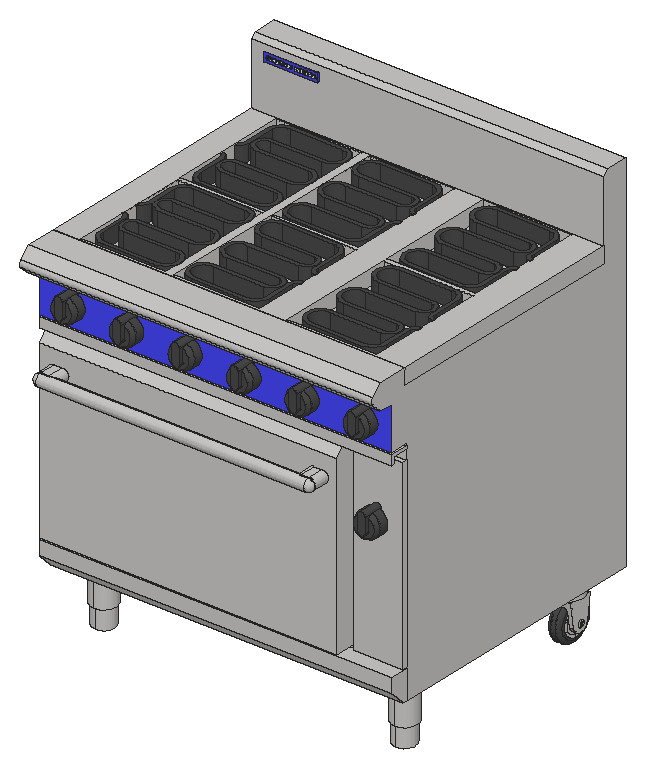
Revit family "QF_MOFFAT_BLUESEAL_CE_E56D", category Specialty Equipment, Revit 2012
Parameters
  Width = 900 mm  # constant formula
  Weight in Pounds = 440  # constant formula
  Watts = 21000 W
  Volts = 400 V
  URL Cutsheet = "www.moffat.com"
  URL = "www.moffat.com"
  Type Mark [instance] = ""
  Status [instance] = ""
  Specification by User [instance] = ""
  Specification by Manufacturer = ""
  Show Logo [instance] = yes
  Show Clearance [instance] = yes
  Show Casters [instance] = yes
  Serial Number = ""
  Seismic Rating = ""
  SMACNA No = ""
  Revision Code [instance] = ""
  Phase = 3
  Omniclass Number and Title = ""
  Number of Poles [instance] = 1
  NAFEM Spec ID Number = ""
  Model = "E56D"
  Min Ckt Ampacity = 0 A
  Max Overcurrent Protection = 0 A
  Masterspec = ""
  Manufacturer = "MOFFAT BLUESEAL"
  Legs [instance] = not(Show Casters)  # no
  Item Number [instance] = ""
  Installed By [instance] = ""
  Identify Quantity as Lot [instance] = yes
  Height = 970 mm  # constant formula
  HP = ""
  Furnished By [instance] = ""
  Foodservice Equipment Identifier [instance] = yes
  FL Amps = 20.9 A
  Electrical Remarks = "29.3A PER PHASE"
  Electric Connection Type = ""
  Elec Conn RI Height = 0 mm
  Elec Conn Connection Height = 0 mm
  Description = "900MM ELECTRIC RANGE WITH CONVECTION OVEN"
  Depth = 812 mm  # constant formula
  Cycle = 50 Hz
  Conn Plug = ""
  Conn Conduit = yes
  CSI MasterFormat = ""
  CSI Master Format = ""
  Body Finish = QF_Finishes_Stainless Steel
  Apparent Power = 0 VA
Reference planes
  plane 1 "BACK": y = 0
  plane 2: z = 0
  plane 3 "LEFT": x = 0
  plane 4 "RIGHT": x = 900
  plane 5 "FRONT": y = -812
  plane 6 "TOP": z = 970
  plane 7 "Center Y": x = 450
  plane 8 "Center X": y = -406
  plane 9: x = 280
  plane 10: y = -574.272
  plane 11: y = -304.972
  plane 12: y = -364.972
  plane 13: y = -812
  plane 14: x = 834.5
  plane 15: y = -32
  plane 16: z = 655
  plane 17: y = -100
  plane 18: z = 1085
  plane 19: y = -705
Forms (mm)
  Extrusion 1, solid, material "QF_Finishes_Stainless Steel" <- "Body Finish"
    sketch origin (0, 0, 0) x (0, 1, 0) y (0, 0, 1)
      loop
        line (0, 150) -> (0, 1085) -> (-57.5, 1085) -> (-70, 1072.5) -> (-70, 875) -> (-705, 875) -> (-705, 915) -> (-783.97, 915) -> (-808.476, 890.494)
        arc (-808.476, 890.494) -> (-811.994, 882) -> (-808.476, 873.506) r 12.013
        line (-808.476, 873.506) -> (-784.97, 850) -> (-749, 850) -> (-749, 740) -> (-699, 740) -> (-699, 150) -> (0, 150)
    from 0 to 900
  Extrusion 2, solid, material "QF_Finishes_Stainless Steel"
    sketch origin (0, 7, 0) x (0, 1, 0) y (0, 0, 1)
      loop
        line (-706, 700) -> (-732, 700) -> (-756, 676) -> (-756, 227.5) -> (-706, 227.5) -> (-706, 700)
    from 0 to 760
  Extrusion 3, solid, material "QF_Finishes_Stainless Steel"
    sketch origin (723.5, 7, 0) x (0, 1, 0) y (0, 0, 1)
      loop
        line (-706, 700) -> (-721, 700) -> (-721, 227.5) -> (-706, 227.5) -> (-706, 700)
    from 51.5 to 176.5
  Revolve 4, solid, material "QF_Finishes_Stainless Steel" <- "Body Finish"
    sketch origin (834.5, -696.126, 0) x (0, 1, 0) y (0, 0, -1)
      loop
        line (39.376, -150) -> (71.126, -150) -> (71.126, 0) -> (43.626, 0) -> (43.626, -50) -> (39.376, -50) -> (39.376, -150)
      axis (71.126, -150) -> (71.126, 0)
    angle from 0 to 360
  Revolve 5, solid, material "QF_Finishes_Stainless Steel" <- "Body Finish"
    sketch origin (65.5, -696.126, 0) x (0, 1, 0) y (0, 0, 1)
      loop
        line (39.376, 150) -> (39.376, 50) -> (43.626, 50) -> (43.626, 0) -> (71.126, 0) -> (71.126, 150) -> (39.376, 150)
      axis (71.126, 150) -> (71.126, 0)
    angle from 0 to 360
  Extrusion 6, solid, material "QF_Finishes_Stainless Steel"
    sketch origin (-64.5, 0, 325) x (1, 0, 0) y (0, 1, 0)
      loop
        circle (834.5, -32) r 10
    from 330 to 371
  Revolve 7, solid, material "QF_Finishes_Black"
    sketch origin (839.351, 45.874, -0.118) x (0, 1, 0) y (0, 0, 1)
      loop
        line (-827.874, 829.5) -> (-838.874, 823.651) -> (-838.874, 797) -> (-794.874, 797) -> (-794.874, 802) -> (-804.874, 802) -> (-804.874, 829.5) -> (-827.874, 829.5)
      axis (-838.874, 797) -> (-794.874, 797)
    angle from 0 to 360
  Revolve 8, solid, material "QF_Finishes_Black"
    sketch origin (689.351, 45.874, -0.118) x (0, 1, 0) y (0, 0, 1)
      loop
        line (-827.874, 829.5) -> (-838.874, 823.651) -> (-838.874, 797) -> (-794.874, 797) -> (-794.874, 802) -> (-804.874, 802) -> (-804.874, 829.5) -> (-827.874, 829.5)
      axis (-838.874, 797) -> (-794.874, 797)
    angle from 0 to 360
  Revolve 9, solid, material "QF_Finishes_Black"
    sketch origin (90.649, 45.874, -0.118) x (0, 1, 0) y (0, 0, -1)
      loop
        line (-827.874, -829.5) -> (-804.874, -829.5) -> (-804.874, -802) -> (-794.874, -802) -> (-794.874, -797) -> (-838.874, -797) -> (-838.874, -823.651) -> (-827.874, -829.5)
      axis (-838.874, -797) -> (-794.874, -797)
    angle from 0 to 360
  Revolve 10, solid, material "QF_Finishes_Black"
    sketch origin (240.649, 45.874, -0.118) x (0, 1, 0) y (0, 0, -1)
      loop
        line (-827.874, -829.5) -> (-804.874, -829.5) -> (-804.874, -802) -> (-794.874, -802) -> (-794.874, -797) -> (-838.874, -797) -> (-838.874, -823.651) -> (-827.874, -829.5)
      axis (-838.874, -797) -> (-794.874, -797)
    angle from 0 to 360
  Revolve 11, solid, material "QF_Finishes_Black"
    sketch origin (390.625, 45.874, -0.118) x (0, 1, 0) y (0, 0, -1)
      loop
        line (-827.874, -829.5) -> (-804.874, -829.5) -> (-804.874, -802) -> (-794.874, -802) -> (-794.874, -797) -> (-838.874, -797) -> (-838.874, -823.651) -> (-827.874, -829.5)
      axis (-838.874, -797) -> (-794.874, -797)
    angle from 0 to 360
  Extrusion 12, solid, material "QF_Finishes_Black"
    sketch origin (238.456, 7, -0.118) x (-1, 0, 0) y (0, 0, -1)
      loop
        arc (158.3, -789) -> (148.3, -779) -> (138.3, -789) r 10
        line (138.3, -789) -> (138.3, -824)
        arc (138.3, -824) -> (148.3, -834) -> (158.3, -824) r 10
        line (158.3, -824) -> (158.3, -789)
    from 759 to 808
  Extrusion 13, solid, material "QF_Finishes_Black"
    sketch origin (388.456, 7, -0.118) x (-1, 0, 0) y (0, 0, -1)
      loop
        arc (158.3, -789) -> (148.3, -779) -> (138.3, -789) r 10
        line (138.3, -789) -> (138.3, -824)
        arc (138.3, -824) -> (148.3, -834) -> (158.3, -824) r 10
        line (158.3, -824) -> (158.3, -789)
    from 759 to 808
  Extrusion 14, solid, material "QF_Finishes_Black"
    sketch origin (691.544, 7, -0.118) x (1, 0, 0) y (0, 0, 1)
      loop
        line (158.3, 789) -> (158.3, 824)
        arc (158.3, 824) -> (148.3, 834) -> (138.3, 824) r 10
        line (138.3, 824) -> (138.3, 789)
        arc (138.3, 789) -> (148.3, 779) -> (158.3, 789) r 10
    from 759 to 808
  Extrusion 15, solid, material "QF_Finishes_Black"
    sketch origin (541.544, 7, -0.118) x (1, 0, 0) y (0, 0, 1)
      loop
        line (158.3, 789) -> (158.3, 824)
        arc (158.3, 824) -> (148.3, 834) -> (138.3, 824) r 10
        line (138.3, 824) -> (138.3, 789)
        arc (138.3, 789) -> (148.3, 779) -> (158.3, 789) r 10
    from 759 to 808
  Extrusion 16, solid, material "QF_Finishes_Black"
    sketch origin (538.432, 7, -0.118) x (-1, 0, 0) y (0, 0, -1)
      loop
        arc (158.3, -789) -> (148.3, -779) -> (138.3, -789) r 10
        line (138.3, -789) -> (138.3, -824)
        arc (138.3, -824) -> (148.3, -834) -> (158.3, -824) r 10
        line (158.3, -824) -> (158.3, -789)
    from 759 to 808
  Extrusion 17, solid, material "QF_Finishes_Black"
    sketch origin (688.432, 7, -0.118) x (-1, 0, 0) y (0, 0, -1)
      loop
        arc (158.3, -789) -> (148.3, -779) -> (138.3, -789) r 10
        line (138.3, -789) -> (138.3, -824)
        arc (138.3, -824) -> (148.3, -834) -> (158.3, -824) r 10
        line (158.3, -824) -> (158.3, -789)
    from 759 to 808
  Revolve 18, solid, material "QF_Finishes_Black"
    sketch origin (836.851, 80.874, -245.743) x (0, 1, 0) y (0, 0, 1)
      loop
        line (-827.874, 829.5) -> (-838.874, 823.651) -> (-838.874, 797) -> (-794.874, 797) -> (-794.874, 802) -> (-804.874, 802) -> (-804.874, 829.5) -> (-827.874, 829.5)
      axis (-838.874, 797) -> (-794.874, 797)
    angle from 0 to 360
  Extrusion 19, solid, material "QF_Finishes_Black"
    sketch origin (689.044, 42, -245.743) x (1, 0, 0) y (0, 0, 1)
      loop
        line (158.3, 789) -> (158.3, 824)
        arc (158.3, 824) -> (148.3, 834) -> (138.3, 824) r 10
        line (138.3, 824) -> (138.3, 789)
        arc (138.3, 789) -> (148.3, 779) -> (158.3, 789) r 10
    from 759 to 808
  Extrusion 20, solid, material "QF_Door-Drawer Clearances", visible <- "Show Clearance", detail levels coarse
    sketch origin (0, 7, 0) x (0, -1, 0) y (0, 0, 1)
      loop
        line (756, 697.347) -> (756, 227.5) -> (1225.847, 227.5)
        arc (1225.847, 227.5) -> (1088.232, 559.732) -> (756, 697.347) r 469.847
    from 0 to -760
  Extrusion 21, void
    sketch origin (0, 0, 220) x (1, 0, 0) y (0, 1, 0)
      loop
        line (824, -87) -> (824, 0) -> (694, 0) -> (694, -39) -> (744, -87) -> (824, -87)
    from 0 to 476
  Revolve 22, solid, material "QF_Finishes_Black"
    sketch origin (540.625, 45.874, -0.118) x (0, 1, 0) y (0, 0, -1)
      loop
        line (-827.874, -829.5) -> (-804.874, -829.5) -> (-804.874, -802) -> (-794.874, -802) -> (-794.874, -797) -> (-838.874, -797) -> (-838.874, -823.651) -> (-827.874, -829.5)
      axis (-838.874, -797) -> (-794.874, -797)
    angle from 0 to 360
  Extrusion 23, solid, material "QF_Finishes_Stainless Steel"
    sketch origin (0, -749, 227.5) x (0, 0, 1) y (-1, 0, 0)
      loop
        line (380.625, -38.246) -> (380.625, -58.528)
        arc (380.625, -58.528) -> (395.625, -73.528) -> (410.625, -58.528) r 15
        line (410.625, -58.528) -> (410.625, -38.246)
        arc (410.625, -38.246) -> (395.625, -23.246) -> (380.625, -38.246) r 15
      loop
        arc (380.625, -723.039) -> (395.625, -738.039) -> (410.625, -723.039) r 15
        line (410.625, -723.039) -> (410.625, -702.757)
        arc (410.625, -702.757) -> (395.625, -687.757) -> (380.625, -702.757) r 15
        line (380.625, -702.757) -> (380.625, -723.039)
    from 0 to 44
  Revolve 24, solid, material "QF_Finishes_Stainless Steel"
    sketch origin (0, -793, 0) x (1, 0, 0) y (0, 0, 1)
      loop
        arc (738.039, 623.125) -> (733.646, 633.732) -> (723.039, 638.125) r 15
        line (723.039, 638.125) -> (38.246, 638.125)
        arc (38.246, 638.125) -> (27.64, 633.732) -> (23.246, 623.125) r 15
        line (23.246, 623.125) -> (738.039, 623.125)
      axis (738.039, 623.125) -> (23.246, 623.125)
    angle from 0 to 360
  Extrusion 25, solid, material "QF_Finishes_Stainless Steel" <- "Body Finish"
    sketch origin (0, 7, 0) x (0, 1, 0) y (0, 0, 1)
      loop
        line (-756, 710) -> (-747.224, 710) -> (-749.613, 726.999) -> (-707.93, 726.999) -> (-707.93, 734.003) -> (-756, 734.003) -> (-756, 710)
    from 0 to 900
  Extrusion 26, solid, material "QF_Finishes_Stainless Steel" <- "Body Finish"
    sketch origin (0, 4.73, 0) x (0, 1, 0) y (0, 0, 1)
      loop
        line (-753.73, 222.5) -> (-753.73, 186) -> (-717.73, 150) -> (-703.73, 150) -> (-703.73, 222.5) -> (-753.73, 222.5)
    from 0 to 900
  Extrusion 27, solid, material "QF_Finishes_Stainless Steel", visible <- "Show Casters"
    sketch origin (71.501, 133.353, -8.783) x (0, 1, 0) y (0, 0, 1)
      loop
        line (-201.603, 118.783) -> (-265.103, 118.783) -> (-252.746, 53.895)
        arc (-252.746, 53.895) -> (-233.353, 38.783) -> (-213.959, 53.895) r 20
        line (-213.959, 53.895) -> (-201.603, 118.783)
    from -35.667 to 22.923
  Revolve 28, solid, material "QF_Finishes_Stainless Steel", visible <- "Show Casters"
    sketch origin (65, -203, 0) x (0, 1, 0) y (0, 0, 1)
      loop
        line (67.25, 150) -> (67.25, 110) -> (103, 110) -> (103, 150) -> (67.25, 150)
      axis (103, 150) -> (103, 110)
    angle from 0 to 360
  Revolve 29, solid, material "QF_Finishes_Stainless Steel", visible <- "Show Casters"
    sketch origin (834.5, -203, 0) x (0, 1, 0) y (0, 0, -1)
      loop
        line (67.25, -150) -> (103, -150) -> (103, -110) -> (67.25, -110) -> (67.25, -150)
      axis (103, -150) -> (103, -110)
    angle from 0 to 360
  Revolve 30, solid, material "QF_Finishes_Stainless Steel", visible <- "Show Casters"
    sketch origin (785.276, -99.755, -13.653) x (1, 0, 0) y (0, 0, 1)
      loop
        line (14.841, 64.453) -> (83.584, 64.453) -> (83.584, 67.958) -> (82.314, 69.228) -> (80.79, 69.228) -> (80.79, 72.674) -> (68.644, 72.674) -> (68.644, 82.639) -> (65.088, 84.692) -> (63.738, 93.028) -> (65.881, 93.028) -> (65.881, 99.378) -> (65.088, 99.378) -> (65.088, 105.728)
        arc (65.088, 105.728) -> (62.298, 112.463) -> (55.563, 115.253) r 9.525
        line (55.563, 115.253) -> (42.863, 115.253)
        arc (42.863, 115.253) -> (36.127, 112.463) -> (33.338, 105.728) r 9.525
        line (33.338, 105.728) -> (33.338, 99.378) -> (32.544, 99.378) -> (32.544, 93.028) -> (34.687, 93.028) -> (33.352, 84.781) -> (29.782, 82.719) -> (29.782, 72.674) -> (17.635, 72.674) -> (17.635, 69.228) -> (16.111, 69.228) -> (14.841, 67.958) -> (14.841, 64.453)
      axis (14.841, 64.453) -> (83.584, 64.453)
    angle from 0 to 360
  Extrusion 31, solid, material "QF_Finishes_Stainless Steel", visible <- "Show Casters"
    sketch origin (841.001, 133.353, -8.783) x (0, 1, 0) y (0, 0, 1)
      loop
        line (-201.603, 118.783) -> (-265.103, 118.783) -> (-252.746, 53.895)
        arc (-252.746, 53.895) -> (-233.353, 38.783) -> (-213.959, 53.895) r 20
        line (-213.959, 53.895) -> (-201.603, 118.783)
    from -35.667 to 22.923
  Revolve 32, solid, material "QF_Finishes_Stainless Steel", visible <- "Legs"
    sketch origin (65, -165, 0) x (0, 1, 0) y (0, 0, 1)
      loop
        line (33.25, 150) -> (33.25, 50) -> (37.5, 50) -> (37.5, 0) -> (65, 0) -> (65, 150) -> (33.25, 150)
      axis (65, 150) -> (65, 0)
    angle from 0 to 360
  Revolve 33, solid, material "QF_Finishes_Stainless Steel", visible <- "Legs"
    sketch origin (834.5, -165, 0) x (0, 1, 0) y (0, 0, -1)
      loop
        line (33.25, -150) -> (65, -150) -> (65, 0) -> (37.5, 0) -> (37.5, -50) -> (33.25, -50) -> (33.25, -150)
      axis (65, -150) -> (65, 0)
    angle from 0 to 360
  Revolve 34, solid, material "QF_Finishes_Stainless Steel", visible <- "Show Casters"
    sketch origin (114.224, -99.755, -13.653) x (-1, 0, 0) y (0, 0, -1)
      loop
        line (14.841, -64.453) -> (14.841, -67.958) -> (16.111, -69.228) -> (17.635, -69.228) -> (17.635, -72.674) -> (29.782, -72.674) -> (29.782, -82.719) -> (33.352, -84.781) -> (34.687, -93.028) -> (32.544, -93.028) -> (32.544, -99.378) -> (33.338, -99.378) -> (33.338, -105.728)
        arc (33.338, -105.728) -> (36.127, -112.463) -> (42.863, -115.253) r 9.525
        line (42.863, -115.253) -> (55.563, -115.253)
        arc (55.563, -115.253) -> (62.298, -112.463) -> (65.088, -105.728) r 9.525
        line (65.088, -105.728) -> (65.088, -99.378) -> (65.881, -99.378) -> (65.881, -93.028) -> (63.738, -93.028) -> (65.088, -84.692) -> (68.644, -82.639) -> (68.644, -72.674) -> (80.79, -72.674) -> (80.79, -69.228) -> (82.314, -69.228) -> (83.584, -67.958) -> (83.584, -64.453) -> (14.841, -64.453)
      axis (14.841, -64.453) -> (83.584, -64.453)
    angle from 0 to 360
  Extrusion 35, solid, material "QF_Finishes_Stainless Steel"
    sketch origin (0, 0, 0) x (1, 0, 0) y (0, 1, 0)
      loop
        circle (826, -501) r 6.35
    from 150 to 147.817
Cuts and joins
  Extrusion 21 cuts Extrusion 1
Lines and regions (mm)
  Split face 1
    outline origin (900, 0, 1085) x (-1, 0, 0) y (0, -1, 0)
      loop
        arc (867.206, 18.385) -> (875.866, 23.385) -> (875.866, 33.385) r 10
        line (875.866, 33.385) -> (871.824, 40.385)
        arc (871.824, 40.385) -> (868.164, 44.045) -> (863.164, 45.385) r 10
        line (863.164, 45.385) -> (635.206, 45.385)
        arc (635.206, 45.385) -> (626.545, 40.385) -> (626.545, 30.385) r 10
        line (626.545, 30.385) -> (630.587, 23.385)
        arc (630.587, 23.385) -> (634.247, 19.725) -> (639.247, 18.385) r 10
        line (639.247, 18.385) -> (867.206, 18.385)
  Split face 2
    outline origin (900, 0, 1085) x (-1, 0, 0) y (0, -1, 0)
      loop
        arc (567.206, 18.385) -> (575.866, 23.385) -> (575.866, 33.385) r 10
        line (575.866, 33.385) -> (571.824, 40.385)
        arc (571.824, 40.385) -> (568.164, 44.045) -> (563.164, 45.385) r 10
        line (563.164, 45.385) -> (335.206, 45.385)
        arc (335.206, 45.385) -> (326.545, 40.385) -> (326.545, 30.385) r 10
        line (326.545, 30.385) -> (330.587, 23.385)
        arc (330.587, 23.385) -> (334.247, 19.725) -> (339.247, 18.385) r 10
        line (339.247, 18.385) -> (567.206, 18.385)
  Split face 3
    outline origin (900, 0, 1085) x (-1, 0, 0) y (0, -1, 0)
      loop
        arc (35.206, 45.385) -> (26.545, 40.385) -> (26.545, 30.385) r 10
        line (26.545, 30.385) -> (30.587, 23.385)
        arc (30.587, 23.385) -> (34.247, 19.725) -> (39.247, 18.385) r 10
        line (39.247, 18.385) -> (267.206, 18.385)
        arc (267.206, 18.385) -> (275.866, 23.385) -> (275.866, 33.385) r 10
        line (275.866, 33.385) -> (271.824, 40.385)
        arc (271.824, 40.385) -> (268.164, 44.045) -> (263.164, 45.385) r 10
        line (263.164, 45.385) -> (35.206, 45.385)
  symbolic lines
    curve 1: line (0, 0, 0) -> (0, -812, 0)
    curve 2: line (900, 0, 0) -> (0, 0, 0)
    curve 3: line (900, -812, 0) -> (900, 0, 0)
    curve 4: line (0, -70, 0) -> (900, -70, 0)
    curve 5: line (900, -812, 0) -> (0, -812, 0)
    curve 6: line (900, -705, 0) -> (0, -705, 0)
    curve 7: arc (22.65, -812, 0) -> (34.104, -822.278, 0) -> (48.889, -826.544, 0) r 34.455
    curve 8: line (48.889, -826.544, 0) -> (721.858, -826.544, 0)
    curve 9: arc (721.858, -826.544, 0) -> (736.403, -822.647, 0) -> (747.05, -812, 0) r 29.089
    curve 13: line (32.794, -18.385, 0) -> (260.753, -18.385, 0)
    curve 14: arc (260.753, -18.385, 0) -> (265.753, -19.725, 0) -> (269.413, -23.385, 0) r 10
    curve 15: line (269.413, -23.385, 0) -> (273.455, -30.385, 0)
    curve 16: arc (273.455, -30.385, 0) -> (273.455, -40.385, 0) -> (264.794, -45.385, 0) r 10
    curve 17: line (264.794, -45.385, 0) -> (36.836, -45.385, 0)
    curve 18: arc (36.836, -45.385, 0) -> (31.836, -44.045, 0) -> (28.176, -40.385, 0) r 10
    curve 19: line (28.176, -40.385, 0) -> (24.134, -33.385, 0)
    curve 20: arc (24.134, -33.385, 0) -> (24.134, -23.385, 0) -> (32.794, -18.385, 0) r 10
    curve 21: line (560.753, -18.385, 0) -> (332.794, -18.385, 0)
    curve 22: arc (332.794, -18.385, 0) -> (324.134, -23.385, 0) -> (324.134, -33.385, 0) r 10
    curve 23: line (324.134, -33.385, 0) -> (328.176, -40.385, 0)
    curve 24: arc (328.176, -40.385, 0) -> (331.836, -44.045, 0) -> (336.836, -45.385, 0) r 10
    curve 25: line (336.836, -45.385, 0) -> (564.794, -45.385, 0)
    curve 26: arc (564.794, -45.385, 0) -> (573.455, -40.385, 0) -> (573.455, -30.385, 0) r 10
    curve 27: line (573.455, -30.385, 0) -> (569.413, -23.385, 0)
    curve 28: arc (569.413, -23.385, 0) -> (565.753, -19.725, 0) -> (560.753, -18.385, 0) r 10
    curve 29: line (632.794, -18.385, 0) -> (860.753, -18.385, 0)
    curve 30: arc (860.753, -18.385, 0) -> (865.753, -19.725, 0) -> (869.413, -23.385, 0) r 10
    curve 31: line (869.413, -23.385, 0) -> (873.455, -30.385, 0)
    curve 32: arc (873.455, -30.385, 0) -> (873.455, -40.385, 0) -> (864.794, -45.385, 0) r 10
    curve 33: line (864.794, -45.385, 0) -> (636.836, -45.385, 0)
    curve 34: arc (636.836, -45.385, 0) -> (631.836, -44.045, 0) -> (628.176, -40.385, 0) r 10
    curve 35: line (628.176, -40.385, 0) -> (624.134, -33.385, 0)
    curve 36: arc (624.134, -33.385, 0) -> (624.134, -23.385, 0) -> (632.794, -18.385, 0) r 10
    curve 37: line (0, -783.97, 0) -> (900, -783.97, 0)
    curve 38: line (0, -57.5, 0) -> (900, -57.5, 0)
  symbolic lines, style "QF_Door-Drawer Clearances"
    curve 10: line (0, -1218.847, 0) -> (0, -812, 0)
    curve 11: line (0, -1218.847, 0) -> (760, -1218.847, 0)
    curve 12: line (760, -1218.847, 0) -> (760, -812, 0)
  symbolic lines, style "SpecialityEquipmentHiddenLines", visible <- "Show Casters"
    curve 39: line (106.952, -62.61, 0) -> (56.152, -150.598, 0)
    curve 40: line (79.456, -46.735, 0) -> (106.952, -62.61, 0)
    curve 41: line (28.656, -134.723, 0) -> (79.456, -46.735, 0)
    curve 42: line (56.152, -150.598, 0) -> (28.656, -134.723, 0)
    curve 43: line (866.952, -62.61, 0) -> (816.152, -150.598, 0)
    curve 44: line (839.456, -46.735, 0) -> (866.952, -62.61, 0)
    curve 45: line (788.656, -134.723, 0) -> (839.456, -46.735, 0)
    curve 46: line (816.152, -150.598, 0) -> (788.656, -134.723, 0)
Dimensions and locks
  equal spacing: plane 3 "LEFT", plane 7 "Center Y", plane 4 "RIGHT"
  "Width": plane 3 "LEFT" to plane 4 "RIGHT"
  equal spacing: plane 5 "FRONT", plane 8 "Center X", plane 1 "BACK"
  plane 5 "FRONT" to plane 1 "BACK" = 812 mm  (x2)
  equal spacing: plane 4 "RIGHT", plane 7 "Center Y", plane 3 "LEFT"
  plane 4 "RIGHT" to plane 3 "LEFT" = 900 mm
  "Height": plane 6 "TOP" to level
  plane 10 to plane 1 "BACK" = 574.272 mm
  plane 11 to plane 1 "BACK" = 304.972 mm  (x2)
  plane 9 to plane 3 "LEFT" = 280 mm
  "Depth": plane 1 "BACK" to plane 13
  plane 13 to plane 5 "FRONT" = 0 mm
  plane 6 "TOP" to plane 2 = 970 mm
  plane 2 to Extrusion 1 sketch curve = 875 mm
  locked: plane 2 to Extrusion 1 sketch curve at 915
  Revolve 30 sketch curve to Revolve 30 sketch curve = 50.8 mm
  Revolve 34 sketch curve to Revolve 34 sketch curve = 50.8 mm
  plane 18 to level = 1085 mm
  Extrusion 35 sketch curve to plane 1 "BACK" = 501 mm
  Extrusion 35 sketch curve to plane 4 "RIGHT" = 74 mm
  aligned and locked: level to plane 2
  aligned and locked: curve 3 to plane 4 "RIGHT"
Automatic sketch dimensions
  Extrusion 1 sketch curve to plane 19 = 0 mm
  Extrusion 1 sketch curve to plane 18 = 0 mm
  Extrusion 1 sketch curve to plane 1 "BACK" = 0 mm
  plane 19 to Extrusion 1 sketch curve = 44 mm
  Extrusion 1 sketch curve to plane 5 "FRONT" = 28.03 mm
  Extrusion 1 sketch curve to plane 5 "FRONT" = 27.03 mm
  Extrusion 1 sketch curve to plane 5 "FRONT" = 12.018 mm
  Extrusion 1 sketch curve to plane 5 "FRONT" = 3.524 mm  (x2)
  Extrusion 1 sketch curve to plane 19 = 6 mm
  Extrusion 1 sketch curve to plane 18 = 12.5 mm
  plane 17 to Extrusion 1 sketch curve = 30 mm
  Extrusion 1 sketch curve to Extrusion 1 sketch curve = 12.5 mm
  Extrusion 1 sketch curve to Extrusion 1 sketch curve = 41.494 mm
  Extrusion 1 sketch curve to Extrusion 1 sketch curve = 25 mm
  plane 16 to Extrusion 1 sketch curve = 85 mm
  level to Extrusion 1 sketch curve = 150 mm
  Extrusion 1 sketch curve to Extrusion 1 sketch curve = 8.494 mm
  plane 19 to Extrusion 2 sketch curve = 20 mm
  Extrusion 2 sketch curve to plane 19 = 6 mm
  level to Extrusion 2 sketch curve = 227.5 mm
  plane 19 to Extrusion 3 sketch curve = 9 mm
  Extrusion 3 sketch curve to plane 19 = 6 mm
  level to Extrusion 3 sketch curve = 227.5 mm
  plane 16 to Extrusion 3 sketch curve = 45 mm
  Revolve 4 sketch curve to level = 0 mm
  Revolve 4 sketch curve to plane 19 = 48.25 mm
  Revolve 4 sketch curve to Revolve 4 sketch curve = 4.25 mm
  Revolve 4 sketch curve to Revolve 4 sketch curve = 27.5 mm  (x2)
  level to Revolve 4 sketch curve = 50 mm
  Revolve 4 sketch curve to Revolve 4 sketch curve = 0 mm
  Revolve 4 sketch curve to Revolve 4 sketch curve = 100 mm
  Revolve 4 sketch curve to Revolve 4 sketch curve = 55 mm
  Revolve 5 sketch curve to level = 0 mm
  Revolve 5 sketch curve to plane 19 = 48.25 mm
  Revolve 5 sketch curve to Revolve 5 sketch curve = 4.25 mm
  Revolve 5 sketch curve to Revolve 5 sketch curve = 27.5 mm  (x2)
  Revolve 5 sketch curve to level = 55 mm
  Revolve 5 sketch curve to Revolve 5 sketch curve = 50 mm
  Revolve 5 sketch curve to Revolve 5 sketch curve = 0 mm
  Revolve 5 sketch curve to Revolve 5 sketch curve = 100 mm
  Extrusion 6 sketch curve to plane 15 = 0 mm
  Extrusion 6 sketch curve to plane 14 = 64.5 mm
  Revolve 7 sketch curve to plane 5 "FRONT" = 19 mm
  Revolve 7 sketch curve to Revolve 7 sketch curve = 0 mm  (x2)
  Revolve 7 sketch curve to Revolve 7 sketch curve = 11 mm
  Revolve 7 sketch curve to Revolve 7 sketch curve = 12.7 mm
  Revolve 7 sketch curve to Revolve 7 sketch curve = 23 mm
  Revolve 7 sketch curve to Revolve 7 sketch curve = 10 mm
  plane 16 to Revolve 7 sketch curve = 141.882 mm
  Revolve 7 sketch curve to Revolve 7 sketch curve = 5 mm
  Revolve 7 sketch curve to Revolve 7 sketch curve = 26.651 mm
  Revolve 7 sketch curve to Revolve 7 sketch curve = 5.849 mm
  Revolve 8 sketch curve to plane 5 "FRONT" = 19 mm
  Revolve 8 sketch curve to Revolve 8 sketch curve = 0 mm  (x2)
  Revolve 8 sketch curve to Revolve 8 sketch curve = 11 mm
  Revolve 8 sketch curve to Revolve 8 sketch curve = 12.7 mm
  Revolve 8 sketch curve to Revolve 8 sketch curve = 23 mm
  Revolve 8 sketch curve to Revolve 8 sketch curve = 10 mm
  plane 16 to Revolve 8 sketch curve = 141.882 mm
  Revolve 8 sketch curve to Revolve 8 sketch curve = 5 mm
  Revolve 8 sketch curve to Revolve 8 sketch curve = 26.651 mm
  Revolve 8 sketch curve to Revolve 8 sketch curve = 5.849 mm
  Revolve 9 sketch curve to plane 5 "FRONT" = 19 mm
  Revolve 9 sketch curve to Revolve 9 sketch curve = 0 mm  (x2)
  Revolve 9 sketch curve to Revolve 9 sketch curve = 11 mm
  Revolve 9 sketch curve to Revolve 9 sketch curve = 12.7 mm
  Revolve 9 sketch curve to Revolve 9 sketch curve = 23 mm
  Revolve 9 sketch curve to Revolve 9 sketch curve = 10 mm
  Revolve 9 sketch curve to plane 6 "TOP" = 140.618 mm
  Revolve 9 sketch curve to Revolve 9 sketch curve = 5.849 mm
  Revolve 9 sketch curve to Revolve 9 sketch curve = 27.5 mm
  Revolve 9 sketch curve to Revolve 9 sketch curve = 5 mm
  Revolve 10 sketch curve to plane 5 "FRONT" = 19 mm
  Revolve 10 sketch curve to Revolve 10 sketch curve = 0 mm  (x2)
  Revolve 10 sketch curve to Revolve 10 sketch curve = 11 mm
  Revolve 10 sketch curve to Revolve 10 sketch curve = 12.7 mm
  Revolve 10 sketch curve to Revolve 10 sketch curve = 23 mm
  Revolve 10 sketch curve to Revolve 10 sketch curve = 10 mm
  Revolve 10 sketch curve to plane 6 "TOP" = 140.618 mm
  Revolve 10 sketch curve to Revolve 10 sketch curve = 5.849 mm
  Revolve 10 sketch curve to Revolve 10 sketch curve = 27.5 mm
  Revolve 10 sketch curve to Revolve 10 sketch curve = 5 mm
  Revolve 11 sketch curve to plane 5 "FRONT" = 19 mm
  Revolve 11 sketch curve to Revolve 11 sketch curve = 0 mm  (x2)
  Revolve 11 sketch curve to Revolve 11 sketch curve = 11 mm
  Revolve 11 sketch curve to Revolve 11 sketch curve = 12.7 mm
  Revolve 11 sketch curve to Revolve 11 sketch curve = 23 mm
  Revolve 11 sketch curve to Revolve 11 sketch curve = 10 mm
  Revolve 11 sketch curve to plane 6 "TOP" = 140.618 mm
  Revolve 11 sketch curve to Revolve 11 sketch curve = 5.849 mm
  Revolve 11 sketch curve to Revolve 11 sketch curve = 27.5 mm
  Revolve 11 sketch curve to Revolve 11 sketch curve = 5 mm
  Extrusion 12 sketch curve to Extrusion 12 sketch curve = 10 mm
  Extrusion 12 sketch curve to plane 6 "TOP" = 146.118 mm
  Extrusion 12 sketch curve to Extrusion 12 sketch curve = 35 mm
  Extrusion 13 sketch curve to plane 9 = 29.844 mm
  Extrusion 13 sketch curve to Extrusion 13 sketch curve = 10 mm
  Extrusion 13 sketch curve to plane 6 "TOP" = 146.118 mm
  Extrusion 13 sketch curve to Extrusion 13 sketch curve = 35 mm
  Extrusion 14 sketch curve to plane 14 = 4.656 mm
  plane 14 to Extrusion 14 sketch curve = 5.344 mm
  plane 16 to Extrusion 14 sketch curve = 133.882 mm
  Extrusion 14 sketch curve to Extrusion 14 sketch curve = 35 mm
  Extrusion 15 sketch curve to plane 14 = 154.656 mm
  Extrusion 15 sketch curve to Extrusion 15 sketch curve = 10 mm
  plane 16 to Extrusion 15 sketch curve = 133.882 mm
  Extrusion 15 sketch curve to Extrusion 15 sketch curve = 35 mm
  Extrusion 16 sketch curve to plane 7 "Center Y" = 49.868 mm
  Extrusion 16 sketch curve to Extrusion 16 sketch curve = 10 mm
  Extrusion 16 sketch curve to plane 6 "TOP" = 146.118 mm
  Extrusion 16 sketch curve to Extrusion 16 sketch curve = 35 mm
  plane 7 "Center Y" to Extrusion 17 sketch curve = 100.132 mm
  Extrusion 17 sketch curve to Extrusion 17 sketch curve = 10 mm
  Extrusion 17 sketch curve to plane 6 "TOP" = 146.118 mm
  Extrusion 17 sketch curve to Extrusion 17 sketch curve = 35 mm
  Revolve 18 sketch curve to plane 5 "FRONT" = 54 mm
  Revolve 18 sketch curve to Revolve 18 sketch curve = 0 mm  (x2)
  Revolve 18 sketch curve to Revolve 18 sketch curve = 11 mm
  Revolve 18 sketch curve to Revolve 18 sketch curve = 12.7 mm
  plane 19 to Revolve 18 sketch curve = 19 mm
  plane 19 to Revolve 18 sketch curve = 9 mm
  Revolve 18 sketch curve to plane 16 = 103.743 mm
  Revolve 18 sketch curve to Revolve 18 sketch curve = 5 mm
  Revolve 18 sketch curve to Revolve 18 sketch curve = 26.651 mm
  Revolve 18 sketch curve to Revolve 18 sketch curve = 5.849 mm
  Extrusion 19 sketch curve to plane 14 = 7.156 mm
  plane 14 to Extrusion 19 sketch curve = 2.844 mm
  Extrusion 19 sketch curve to plane 16 = 111.743 mm
  Extrusion 19 sketch curve to Extrusion 19 sketch curve = 35 mm
  plane 19 to Extrusion 20 sketch curve = 44 mm
  level to Extrusion 20 sketch curve = 227.5 mm
  plane 5 "FRONT" to Extrusion 20 sketch curve = 406.847 mm
  plane 1 "BACK" to Extrusion 21 sketch curve = 0 mm
  Extrusion 21 sketch curve to plane 15 = 7 mm
  Extrusion 21 sketch curve to plane 14 = 140.5 mm
  plane 17 to Extrusion 21 sketch curve = 13 mm
  Extrusion 21 sketch curve to Extrusion 21 sketch curve = 50 mm
  Extrusion 21 sketch curve to plane 14 = 10.5 mm
  Revolve 22 sketch curve to plane 5 "FRONT" = 19 mm
  Revolve 22 sketch curve to Revolve 22 sketch curve = 0 mm  (x2)
  Revolve 22 sketch curve to Revolve 22 sketch curve = 11 mm
  Revolve 22 sketch curve to Revolve 22 sketch curve = 12.7 mm
  Revolve 22 sketch curve to Revolve 22 sketch curve = 23 mm
  Revolve 22 sketch curve to Revolve 22 sketch curve = 10 mm
  Revolve 22 sketch curve to plane 6 "TOP" = 140.618 mm
  Revolve 22 sketch curve to Revolve 22 sketch curve = 5.849 mm
  Revolve 22 sketch curve to Revolve 22 sketch curve = 27.5 mm
  Revolve 22 sketch curve to Revolve 22 sketch curve = 5 mm
  Extrusion 23 sketch curve to plane 16 = 46.875 mm  (x2)
  Extrusion 23 sketch curve to Extrusion 23 sketch curve = 15 mm  (x2)
  Extrusion 23 sketch curve to plane 14 = 131.743 mm
  Extrusion 23 sketch curve to Extrusion 23 sketch curve = 20.282 mm  (x2)
  Revolve 24 sketch curve to plane 3 "LEFT" = 6.961 mm
  plane 3 "LEFT" to Revolve 24 sketch curve = 23.246 mm
  Revolve 24 sketch curve to plane 16 = 16.875 mm
  Revolve 24 sketch curve to Revolve 24 sketch curve = 15 mm
  Revolve 24 sketch curve to plane 16 = 31.875 mm
  plane 7 "Center Y" to Revolve 24 sketch curve = 138.039 mm
  Revolve 24 sketch curve to plane 14 = 111.461 mm
  plane 19 to Extrusion 25 sketch curve = 44 mm
  Extrusion 25 sketch curve to Extrusion 25 sketch curve = 6.387 mm
  Extrusion 25 sketch curve to Extrusion 25 sketch curve = 8.776 mm
  Extrusion 25 sketch curve to plane 19 = 4.07 mm
  plane 16 to Extrusion 25 sketch curve = 55 mm
  Extrusion 25 sketch curve to Extrusion 25 sketch curve = 16.999 mm
  Extrusion 25 sketch curve to Extrusion 25 sketch curve = 7.004 mm
  plane 19 to Extrusion 26 sketch curve = 44 mm
  Extrusion 26 sketch curve to Extrusion 26 sketch curve = 36.5 mm
  Extrusion 27 sketch curve to plane 17 = 0 mm
  Extrusion 27 sketch curve to plane 17 = 19.393 mm
  Extrusion 27 sketch curve to plane 17 = 31.75 mm
  plane 17 to Extrusion 27 sketch curve = 19.393 mm
  plane 17 to Extrusion 27 sketch curve = 31.75 mm
  level to Extrusion 27 sketch curve = 45.111 mm
  Extrusion 27 sketch curve to Extrusion 27 sketch curve = 4.889 mm
  Extrusion 27 sketch curve to Extrusion 27 sketch curve = 64.889 mm
  Revolve 28 sketch curve to plane 17 = 0 mm  (x2)
  Revolve 28 sketch curve to plane 17 = 35.75 mm
  Revolve 28 sketch curve to level = 55 mm
  level to Revolve 28 sketch curve = 50 mm
  Revolve 28 sketch curve to Revolve 28 sketch curve = 60 mm
  Revolve 28 sketch curve to Revolve 28 sketch curve = 40 mm
  Revolve 29 sketch curve to plane 17 = 0 mm  (x2)
  Revolve 29 sketch curve to plane 17 = 35.75 mm
  level to Revolve 29 sketch curve = 150 mm
  Revolve 29 sketch curve to Revolve 29 sketch curve = 40 mm
  level to Revolve 29 sketch curve = 50 mm
  Revolve 29 sketch curve to level = 55 mm
  Revolve 30 sketch curve to plane 14 = 34.382 mm
  Revolve 30 sketch curve to Revolve 30 sketch curve = 1.27 mm  (x4)
  Revolve 30 sketch curve to Revolve 30 sketch curve = 1.524 mm  (x2)
  Revolve 30 sketch curve to Revolve 30 sketch curve = 12.146 mm  (x2)
  Revolve 30 sketch curve to plane 14 = 16.68 mm
  Revolve 30 sketch curve to Revolve 30 sketch curve = 0.794 mm  (x2)
  Revolve 30 sketch curve to Revolve 30 sketch curve = 3.57 mm
  Revolve 30 sketch curve to Revolve 30 sketch curve = 2.143 mm
  Revolve 30 sketch curve to plane 14 = 6.361 mm
  plane 14 to Revolve 30 sketch curve = 5.13 mm
  plane 14 to Revolve 30 sketch curve = 6.339 mm
  plane 14 to Revolve 30 sketch curve = 14.515 mm
  Revolve 30 sketch curve to Revolve 30 sketch curve = 1.349 mm  (x2)
  Revolve 30 sketch curve to Revolve 30 sketch curve = 3.556 mm
  Revolve 30 sketch curve to plane 4 "RIGHT" = 2.18 mm
  level to Revolve 30 sketch curve = 50.8 mm
  Revolve 30 sketch curve to Revolve 30 sketch curve = 0 mm
  Revolve 30 sketch curve to Revolve 30 sketch curve = 3.505 mm  (x2)
  Revolve 30 sketch curve to Revolve 30 sketch curve = 3.447 mm  (x2)
  Revolve 30 sketch curve to Revolve 30 sketch curve = 9.964 mm
  Revolve 30 sketch curve to Revolve 30 sketch curve = 10.045 mm
  Revolve 30 sketch curve to Revolve 30 sketch curve = 2.053 mm
  Revolve 30 sketch curve to Revolve 30 sketch curve = 2.061 mm
  Revolve 30 sketch curve to Revolve 30 sketch curve = 8.247 mm
  Revolve 30 sketch curve to Revolve 30 sketch curve = 8.336 mm
  Revolve 30 sketch curve to Revolve 30 sketch curve = 6.35 mm  (x2)
  Extrusion 31 sketch curve to plane 17 = 0 mm
  Extrusion 31 sketch curve to plane 17 = 19.393 mm
  Extrusion 31 sketch curve to plane 17 = 31.75 mm
  plane 17 to Extrusion 31 sketch curve = 19.393 mm
  plane 17 to Extrusion 31 sketch curve = 31.75 mm
  level to Extrusion 31 sketch curve = 45.111 mm
  Extrusion 31 sketch curve to Extrusion 31 sketch curve = 4.889 mm
  Extrusion 31 sketch curve to Extrusion 31 sketch curve = 64.889 mm
  Revolve 32 sketch curve to level = 0 mm
  Revolve 32 sketch curve to plane 17 = 0 mm  (x2)
  Revolve 32 sketch curve to Revolve 32 sketch curve = 27.5 mm
  Revolve 32 sketch curve to Revolve 32 sketch curve = 31.75 mm
  Revolve 32 sketch curve to level = 55 mm
  Revolve 32 sketch curve to Revolve 32 sketch curve = 50 mm
  Revolve 32 sketch curve to Revolve 32 sketch curve = 0 mm
  Revolve 32 sketch curve to Revolve 32 sketch curve = 100 mm
  Revolve 33 sketch curve to level = 0 mm
  Revolve 33 sketch curve to plane 17 = 0 mm  (x2)
  Revolve 33 sketch curve to Revolve 33 sketch curve = 27.5 mm
  Revolve 33 sketch curve to Revolve 33 sketch curve = 31.75 mm
  level to Revolve 33 sketch curve = 50 mm
  Revolve 33 sketch curve to Revolve 33 sketch curve = 0 mm
  Revolve 33 sketch curve to Revolve 33 sketch curve = 100 mm
  Revolve 33 sketch curve to Revolve 33 sketch curve = 55 mm
  Revolve 34 sketch curve to Revolve 34 sketch curve = 1.27 mm  (x4)
  Revolve 34 sketch curve to Revolve 34 sketch curve = 1.524 mm  (x2)
  Revolve 34 sketch curve to Revolve 34 sketch curve = 0.794 mm  (x2)
  Revolve 34 sketch curve to Revolve 34 sketch curve = 3.57 mm
  Revolve 34 sketch curve to Revolve 34 sketch curve = 2.143 mm
  Revolve 34 sketch curve to Revolve 34 sketch curve = 1.349 mm  (x2)
  Revolve 34 sketch curve to Revolve 34 sketch curve = 3.556 mm
  Revolve 34 sketch curve to Revolve 34 sketch curve = 12.146 mm  (x2)
  Revolve 34 sketch curve to plane 3 "LEFT" = 2.68 mm
  level to Revolve 34 sketch curve = 101.6 mm
  Revolve 34 sketch curve to Revolve 34 sketch curve = 6.35 mm  (x4)
  Revolve 34 sketch curve to Revolve 34 sketch curve = 8.247 mm
  Revolve 34 sketch curve to Revolve 34 sketch curve = 8.336 mm
  Revolve 34 sketch curve to Revolve 34 sketch curve = 2.061 mm
  Revolve 34 sketch curve to Revolve 34 sketch curve = 2.053 mm
  Revolve 34 sketch curve to Revolve 34 sketch curve = 10.045 mm
  Revolve 34 sketch curve to Revolve 34 sketch curve = 9.964 mm
  Revolve 34 sketch curve to Revolve 34 sketch curve = 3.447 mm  (x2)
  Revolve 34 sketch curve to Revolve 34 sketch curve = 3.505 mm
  Split face 1 sketch curve to cut or joined group of Extrusion 1, Extrusion 21 = 27.115 mm
  Split face 1 sketch curve to cut or joined group of Extrusion 1, Extrusion 21 = 626.545 mm
  Split face 1 sketch curve to Split face 1 sketch curve = 4.041 mm  (x4)
  Split face 1 sketch curve to Split face 1 sketch curve = 8.66 mm  (x2)
  Split face 1 sketch curve to cut or joined group of Extrusion 1, Extrusion 21 = 12.115 mm
  Split face 1 sketch curve to Split face 1 sketch curve = 223.917 mm
  Split face 1 sketch curve to Split face 1 sketch curve = 7 mm  (x3)
  Split face 1 sketch curve to Split face 1 sketch curve = 17 mm
  Split face 2 sketch curve to cut or joined group of Extrusion 1, Extrusion 21 = 27.115 mm
  Split face 2 sketch curve to cut or joined group of Extrusion 1, Extrusion 21 = 326.545 mm
  Split face 2 sketch curve to cut or joined group of Extrusion 1, Extrusion 21 = 23.385 mm
  Split face 2 sketch curve to Split face 2 sketch curve = 4.041 mm  (x3)
  Split face 2 sketch curve to Split face 2 sketch curve = 8.66 mm  (x3)
  Split face 2 sketch curve to cut or joined group of Extrusion 1, Extrusion 21 = 12.115 mm
  Split face 2 sketch curve to Split face 2 sketch curve = 223.917 mm
  Split face 2 sketch curve to cut or joined group of Extrusion 1, Extrusion 21 = 18.385 mm
  Split face 2 sketch curve to Split face 2 sketch curve = 10 mm
  Split face 2 sketch curve to Split face 2 sketch curve = 7 mm
  Split face 3 sketch curve to cut or joined group of Extrusion 1, Extrusion 21 = 27.115 mm
  Split face 3 sketch curve to cut or joined group of Extrusion 1, Extrusion 21 = 26.545 mm
  Split face 3 sketch curve to cut or joined group of Extrusion 1, Extrusion 21 = 23.385 mm
  Split face 3 sketch curve to Split face 3 sketch curve = 4.041 mm  (x4)
  Split face 3 sketch curve to Split face 3 sketch curve = 8.66 mm  (x2)
  Split face 3 sketch curve to cut or joined group of Extrusion 1, Extrusion 21 = 22.115 mm
  Split face 3 sketch curve to Split face 3 sketch curve = 223.917 mm
  Split face 3 sketch curve to cut or joined group of Extrusion 1, Extrusion 21 = 17.115 mm
  Split face 3 sketch curve to Split face 3 sketch curve = 17 mm
  Split face 3 sketch curve to Split face 3 sketch curve = 7 mm
  Extrusion 2 sketch curve to Extrusion 2 sketch curve = 24 mm
  plane 16 to Extrusion 2 sketch curve = 21 mm
  plane 16 to Extrusion 2 sketch curve = 45 mm
  Extrusion 26 sketch curve to plane 19 = 6 mm
  level to Extrusion 26 sketch curve = 150 mm
  Extrusion 26 sketch curve to Extrusion 26 sketch curve = 36 mm
  plane 19 to Extrusion 26 sketch curve = 8 mm
  plane 3 "LEFT" to Extrusion 12 sketch curve = 100.156 mm
  plane 3 "LEFT" to Extrusion 23 sketch curve = 58.528 mm
  plane 3 "LEFT" to Revolve 34 sketch curve = 30.64 mm
  Revolve 34 sketch curve to Revolve 34 sketch curve = 9.525 mm
  Revolve 34 sketch curve to Revolve 34 sketch curve = 14.29 mm
  Revolve 34 sketch curve to Revolve 34 sketch curve = 12.7 mm
  Revolve 34 sketch curve to Revolve 34 sketch curve = 8.176 mm
  Revolve 34 sketch curve to Revolve 34 sketch curve = 0.808 mm
  plane 1 "BACK" to curve 1 = 0 mm
  curve 1 to plane 3 "LEFT" = 0 mm
  plane 5 "FRONT" to curve 7 = 0 mm
  plane 19 to curve 6 = 0 mm
  plane 3 "LEFT" to curve 7 = 22.65 mm
  curve 20 to plane 15 = 1.385 mm
  plane 3 "LEFT" to curve 20 = 24.134 mm
  curve 19 to curve 18 = 4.041 mm
  plane 3 "LEFT" to curve 41 = 28.656 mm
  plane 15 to curve 13 = 13.615 mm
  curve 20 to curve 13 = 8.66 mm
  curve 18 to curve 17 = 8.66 mm
  plane 5 "FRONT" to curve 8 = 14.544 mm
  curve 7 to curve 8 = 26.239 mm
  curve 7 to plane 5 "FRONT" = 19.857 mm
  curve 41 to curve 42 = 27.496 mm
  curve 40 to plane 15 = 14.735 mm
  curve 18 to curve 40 = 42.62 mm
  curve 13 to plane 9 = 19.247 mm
  curve 17 to plane 9 = 15.206 mm
  plane 15 to curve 14 = 8.615 mm
  curve 14 to curve 14 = 8.66 mm
  plane 15 to curve 16 = 1.615 mm
  curve 16 to plane 9 = 6.545 mm
  curve 23 to plane 15 = 1.385 mm
  plane 9 to curve 23 = 44.134 mm
  curve 23 to curve 24 = 4.041 mm
  plane 15 to curve 22 = 3.615 mm
  curve 22 to curve 22 = 8.66 mm
  curve 24 to curve 24 = 8.66 mm
  plane 7 "Center Y" to curve 28 = 110.753 mm
  curve 28 to curve 26 = 4.041 mm
  plane 15 to curve 27 = 8.615 mm
  curve 21 to curve 27 = 8.66 mm
  plane 15 to curve 27 = 1.615 mm
  curve 27 to curve 27 = 4.041 mm
  curve 36 to plane 15 = 1.385 mm
  curve 27 to curve 36 = 50.679 mm
  curve 35 to plane 15 = 8.385 mm
  curve 35 to curve 35 = 4.041 mm
  plane 15 to curve 29 = 13.615 mm
  curve 36 to curve 29 = 8.66 mm
  curve 34 to curve 34 = 8.66 mm
  curve 8 to plane 14 = 112.642 mm
  curve 45 to plane 17 = 34.723 mm
  curve 45 to plane 14 = 45.844 mm
  curve 9 to curve 9 = 25.191 mm
  curve 43 to plane 17 = 50.598 mm
  curve 45 to curve 43 = 27.496 mm
  curve 9 to curve 12 = 12.95 mm
  curve 45 to plane 15 = 14.735 mm
  plane 14 to curve 29 = 26.253 mm
  curve 30 to curve 32 = 4.041 mm  (x2)
  plane 15 to curve 31 = 8.615 mm
  curve 29 to curve 31 = 8.66 mm
  plane 15 to curve 32 = 1.615 mm
  curve 10 to curve 8 = 392.303 mm
  curve 37 to plane 5 "FRONT" = 28.03 mm
  curve 42 to plane 17 = 50.598 mm
  plane 17 to curve 4 = 30 mm
  curve 4 to curve 38 = 12.5 mm
  curve 32 to plane 15 = 13.385 mm
  curve 18 to plane 15 = 13.385 mm
  curve 25 to plane 15 = 13.385 mm
  curve 19 to curve 19 = 7 mm
  curve 23 to curve 23 = 7 mm
  radius of Extrusion 6 sketch curve = 10 mm
  radius of Extrusion 35 sketch curve = 6.35 mm
Nested families
  nested 1: "WALDORF LOGO_FACE BASE" at (32, -70, 1056.385) x (1, 0, 0) z (0, -1, 0), visible <- "Show Logo", type "WALDORF LOGO_FACE BASE", detail levels medium+fine
    with Show Logo yes
  nested 2: "ELECTRIC BURNER 900" at (0, -70, 875), type "ELECTRIC BURNER 900"
    with Width 900 mm, Type Mark "", Status "", Specification by User "", Show Clearance yes, Revision Code "", Number of Poles 1, Mechanical Remarks "", Mechanical Connection Type "", Item Number "", Installed By "", Identify Quantity as Lot yes, Gas RI Height 0 mm, Gas KW 0, Gas Input 0.0 Btu/h, Furnished By "", Foodservice Equipment Identifier yes, Electrical Remarks "", Electric Connection Type "", Elec Conn RI Height 0 mm, Elec Conn Connection Height 0 mm, Depth 635 mm
Connectors
  electrical at (826, -501, 147.817), driven by "Volts", driven by "Watts"
    settings: on Extrusion 35, index 5, voltage 400 V, apparent load 21000 VA, apparent load phase1 0 VA, apparent load phase2 0 VA, apparent load phase3 0 VA, power factor 1, load classification "Other", number of poles 1, system type 30, power factor state 1, is connector primary yes, connector utility no, sub classification motor no, connector description "ELECTRICAL CONNECTION"
Definition of nested family "WALDORF LOGO_FACE BASE"
  Parameters (values of type "WALDORF LOGO_FACE BASE")
    Show Logo [instance] = yes
    Default Elevation = 1219.2 mm
  Reference planes
    plane 1 "Center (Front/Back)": y = 0
    plane 2: z = 0
    plane 3 "Center (Left/Right)": x = 0
  Forms (mm)
    Extrusion 1, solid
      sketch origin (0, 0, 0) x (1, 0, 0) y (0, 1, 0)
        loop
          line (-1219.2, 1219.2) -> (-1219.2, -1219.2) -> (1219.2, -1219.2) -> (1219.2, 1219.2) -> (-1219.2, 1219.2)
      from 0 to -304.8
    Extrusion 2, solid, material "QF_Finishes_Blue", visible <- "Show Logo"
      sketch origin (0, -33.217, 0) x (1, 0, 0) y (0, 1, 0)
        loop
          arc (138, 31.942) -> (137.626, 32.844) -> (136.724, 33.217) r 1.276
          line (136.724, 33.217) -> (1.29, 33.217)
          arc (1.29, 33.217) -> (0.378, 32.839) -> (0, 31.927) r 1.29
          line (0, 31.927) -> (0, 11.507)
          arc (0, 11.507) -> (0.378, 10.595) -> (1.29, 10.217) r 1.29
          line (1.29, 10.217) -> (136.71, 10.217)
          arc (136.71, 10.217) -> (137.622, 10.595) -> (138, 11.507) r 1.29
          line (138, 11.507) -> (138, 31.942)
      from 0 to 1.588
    Extrusion 3, solid, material "QF_Finishes_White", visible <- "Show Logo"
      sketch origin (0, -33.217, 1.588) x (1, 0, 0) y (0, 1, 0)
        loop
          arc (108.946, 25.919) -> (107.613, 25.367) -> (107.061, 24.034) r 1.885
          line (107.061, 24.034) -> (107.061, 17.211) -> (112.704, 17.211) -> (112.704, 19.129) -> (115.546, 19.129) -> (115.546, 17.211) -> (121.584, 17.211) -> (121.584, 24.075)
          arc (121.584, 24.075) -> (121.043, 25.379) -> (119.739, 25.919) r 1.845
          line (119.739, 25.919) -> (108.946, 25.919)
        loop
          line (123.478, 25.919) -> (123.478, 17.163) -> (134.904, 17.163) -> (134.904, 19.129) -> (129.246, 19.129) -> (129.246, 25.919) -> (123.478, 25.919)
        loop
          line (112.704, 21.258) -> (115.546, 21.258) -> (115.546, 22.702)
          arc (115.546, 22.702) -> (115.344, 23.188) -> (114.858, 23.389) r 0.687
          line (114.858, 23.389) -> (113.363, 23.389)
          arc (113.363, 23.389) -> (112.897, 23.196) -> (112.704, 22.73) r 0.658
          line (112.704, 22.73) -> (112.704, 21.258)
        loop
          line (105.071, 25.919) -> (93.771, 25.919) -> (93.771, 17.163) -> (105.071, 17.163) -> (105.071, 19.063) -> (99.535, 19.063) -> (99.535, 20.437) -> (105.071, 20.437) -> (105.071, 22.278) -> (99.535, 22.278) -> (99.535, 23.587) -> (105.071, 23.587) -> (105.071, 25.919)
        loop
          line (91.104, 25.919) -> (79.541, 25.919)
          arc (79.541, 25.919) -> (78.558, 25.513) -> (78.152, 24.53) r 1.389
          line (78.152, 24.53) -> (78.152, 22.08)
          arc (78.152, 22.08) -> (78.558, 21.098) -> (79.541, 20.691) r 1.389
          line (79.541, 20.691) -> (86.346, 20.691) -> (86.346, 18.864) -> (83.266, 18.864) -> (83.266, 19.664) -> (78.152, 19.664) -> (78.152, 18.553)
          arc (78.152, 18.553) -> (78.558, 17.57) -> (79.541, 17.163) r 1.389
          line (79.541, 17.163) -> (91.063, 17.163)
          arc (91.063, 17.163) -> (92.045, 17.57) -> (92.452, 18.553) r 1.389
          line (92.452, 18.553) -> (92.452, 20.691)
          arc (92.452, 20.691) -> (92.045, 21.673) -> (91.063, 22.08) r 1.389
          line (91.063, 22.08) -> (83.266, 22.08) -> (83.266, 23.984) -> (86.346, 23.984) -> (86.346, 22.743) -> (92.452, 22.743) -> (92.452, 24.571)
          arc (92.452, 24.571) -> (92.057, 25.524) -> (91.104, 25.919) r 1.348
        loop
          line (70.705, 25.919) -> (59.405, 25.919) -> (59.405, 17.163) -> (70.705, 17.163) -> (70.705, 19.063) -> (65.169, 19.063) -> (65.169, 20.437) -> (70.705, 20.437) -> (70.705, 22.278) -> (65.169, 22.278) -> (65.169, 23.587) -> (70.705, 23.587) -> (70.705, 25.919)
        loop
          line (57.598, 25.919) -> (51.7, 25.919) -> (51.7, 20.18)
          arc (51.7, 20.18) -> (50.63, 19.11) -> (49.56, 20.18) r 1.07
          line (49.56, 20.18) -> (49.56, 25.919) -> (43.663, 25.919) -> (43.663, 19.049)
          arc (43.663, 19.049) -> (44.215, 17.716) -> (45.548, 17.163) r 1.885
          line (45.548, 17.163) -> (55.71, 17.163)
          arc (55.71, 17.163) -> (57.045, 17.716) -> (57.598, 19.051) r 1.887
          line (57.598, 19.051) -> (57.598, 25.919)
        loop
          line (31.62, 25.919) -> (31.62, 17.163) -> (43.046, 17.163) -> (43.046, 19.129) -> (37.388, 19.129) -> (37.388, 25.919) -> (31.62, 25.919)
        loop
          line (15.969, 25.919) -> (15.969, 17.163) -> (28.693, 17.163)
          arc (28.693, 17.163) -> (29.812, 17.627) -> (30.276, 18.746) r 1.582
          line (30.276, 18.746) -> (30.276, 20.447) -> (29.48, 21.243) -> (30.276, 22.039) -> (30.276, 24.332)
          arc (30.276, 24.332) -> (29.811, 25.454) -> (28.688, 25.919) r 1.587
          line (28.688, 25.919) -> (15.969, 25.919)
        loop
          line (21.449, 24.159) -> (21.449, 22.436) -> (23.862, 22.436)
          arc (23.862, 22.436) -> (24.723, 23.298) -> (23.862, 24.159) r 0.861
          line (23.862, 24.159) -> (21.449, 24.159)
        loop
          line (21.449, 20.244) -> (21.449, 18.522) -> (23.862, 18.522)
          arc (23.862, 18.522) -> (24.723, 19.383) -> (23.862, 20.244) r 0.861
          line (23.862, 20.244) -> (21.449, 20.244)
      from 0 to 0.2
    Extrusion 4, solid, material "QF_Finishes_Blue", visible <- "Show Logo"
      sketch origin (-126.498, -31.09, 1.588) x (1, 0, 0) y (0, 1, 0)
        loop
          line (136.738, 23.522) -> (136.738, 15.1)
          arc (136.738, 15.1) -> (140.756, 19.311) -> (136.738, 23.522) r 4.216
      from 0 to 0.2
    Extrusion 5, solid, material "QF_Finishes_Red", visible <- "Show Logo"
      sketch origin (146.849, -31.09, 1.588) x (-1, 0, 0) y (0, -1, 0)
        loop
          arc (136.738, -23.522) -> (140.756, -19.311) -> (136.738, -15.1) r 4.216
          line (136.738, -15.1) -> (136.738, -23.522)
      from 0 to 0.2
  Lines and regions (mm)
    Split face 1
      outline origin (-90.35, -30.793, 1.588) x (1, 0, 0) y (0, 1, 0)
        loop
          circle (100.54, 19.013) r 4.536
  Dimensions and locks
    aligned and locked: plane 2 to Extrusion 1
    aligned and locked: level to Extrusion 1
Definition of nested family "ELECTRIC BURNER 900"
  Parameters (values of type "ELECTRIC BURNER 900")
    Width [instance] = 900 mm
    Weight in Pounds = 0
    Watts = 0 W
    Volts = 0 V
    URL Cutsheet = ""
    Type Mark [instance] = ""
    Status [instance] = ""
    Specification by User [instance] = ""
    Specification by Manufacturer = ""
    Show Clearance [instance] = yes
    Serial Number = ""
    Seismic Rating = ""
    SMACNA No = ""
    Revision Code [instance] = ""
    Phase = 1
    Omniclass Number and Title = ""
    Number of Poles [instance] = 1
    NAFEM Spec ID Number = ""
    Min Ckt Ampacity = 0 A
    Mechanical Remarks [instance] = ""
    Mechanical Connection Type [instance] = ""
    Max Overcurrent Protection = 0 A
    Masterspec = ""
    Item Number [instance] = ""
    Installed By [instance] = ""
    Identify Quantity as Lot [instance] = yes
    HP = ""
    Gas Size = 0"
    Gas RI Height [instance] = 0 mm
    Gas KW [instance] = 0
    Gas Input [instance] = 0.0 Btu/h
    Gas Connection Height = 0 mm
    Furnished By [instance] = ""
    Foodservice Equipment Identifier [instance] = yes
    FL Amps = 0 A
    Electrical Remarks [instance] = ""
    Electric Connection Type [instance] = ""
    Elec Conn RI Height [instance] = 0 mm
    Elec Conn Connection Height [instance] = 0 mm
    Depth [instance] = 635 mm
    Cycle = 0 Hz
    Conn Plug = ""
    Conn Conduit = yes
    CSI MasterFormat = ""
    CSI Master Format = ""
    Apparent Power = if(Phase = 3, Volts * FL Amps * 1.73, Volts * FL Amps)  # 0 VA
  Reference planes
    plane 1 "BACK": y = 0
    plane 2: z = 0
    plane 3 "LEFT": x = 0
    plane 4 "RIGHT": x = 900
    plane 5 "FRONT": y = -635
    plane 6 "TOP": z = 142.5
    plane 7 "Center Y": x = 450
    plane 8 "Center X": y = -317.5
    plane 9: x = 65.8
    plane 10: y = 70
  Forms (mm)
    Extrusion 1, solid, material "QF_Finishes_Stainless Steel"
      sketch origin (0, 1, 0) x (0, -1, 0) y (1, 0, 0)
        loop
          line (1, 0) -> (636, 0) -> (636, 900) -> (1, 900) -> (1, 0)
        loop
          line (631, 65.8) -> (631, 284.362) -> (321.251, 284.362) -> (321.251, 65.8) -> (631, 65.8)
        loop
          line (6, 594.362) -> (313.651, 594.362) -> (313.651, 823.112) -> (6, 823.112) -> (6, 594.362)
        loop
          line (631, 823.112) -> (321.251, 823.112) -> (321.251, 594.362) -> (631, 594.362) -> (631, 823.112)
        loop
          line (313.651, 284.362) -> (6, 284.362) -> (6, 65.8) -> (313.651, 65.8) -> (313.651, 284.362)
        loop
          line (631, 523.112) -> (321.251, 523.112) -> (321.251, 304.362) -> (631, 304.362) -> (631, 523.112)
        loop
          line (313.651, 523.112) -> (6, 523.112) -> (6, 304.362) -> (313.651, 304.362) -> (313.651, 523.112)
      from 0 to 40
    Extrusion 2, solid, material "QF_Finishes_Black"
      sketch origin (0, 15.7, 0) x (0, -1, 0) y (1, 0, 0)
        loop
          arc (156.993, 65.612) -> (148.172, 80.048) -> (132.304, 85.912) r 25.79
          line (132.304, 85.912) -> (61.096, 85.912)
          arc (61.096, 85.912) -> (42.545, 94.459) -> (35.45, 113.612) r 26.722
          line (35.45, 113.612) -> (35.45, 246.212)
          arc (35.45, 246.212) -> (63.15, 273.912) -> (90.85, 246.212) r 27.7
          line (90.85, 246.212) -> (90.85, 113.769)
          arc (90.85, 113.769) -> (118.55, 86.069) -> (146.25, 113.769) r 27.7
          line (146.25, 113.769) -> (146.25, 246.212)
          arc (146.25, 246.212) -> (173.95, 273.912) -> (201.65, 246.212) r 27.7
          line (201.65, 246.212) -> (201.65, 114.237)
          arc (201.65, 114.237) -> (229.35, 86.537) -> (257.05, 114.237) r 27.7
          line (257.05, 114.237) -> (257.05, 246.212)
          arc (257.05, 246.212) -> (284.75, 273.912) -> (312.45, 246.212) r 27.7
          line (312.45, 246.212) -> (312.45, 113.612)
          arc (312.45, 113.612) -> (305.355, 94.459) -> (286.804, 85.912) r 26.722
          line (286.804, 85.912) -> (215.596, 85.912)
          arc (215.596, 85.912) -> (199.705, 80.037) -> (190.819, 65.612) r 25.973
          line (190.819, 65.612) -> (201.232, 65.612)
          arc (201.232, 65.612) -> (206.91, 72.964) -> (215.719, 75.912) r 15.973
          line (215.719, 75.912) -> (286.986, 75.912)
          arc (286.986, 75.912) -> (312.551, 87.513) -> (322.45, 113.784) r 36.722
          line (322.45, 113.784) -> (322.45, 246.212)
          arc (322.45, 246.212) -> (284.75, 283.912) -> (247.05, 246.212) r 37.7
          line (247.05, 246.212) -> (247.05, 113.612)
          arc (247.05, 113.612) -> (229.35, 95.912) -> (211.65, 113.612) r 17.7
          line (211.65, 113.612) -> (211.65, 246.212)
          arc (211.65, 246.212) -> (173.95, 283.912) -> (136.25, 246.212) r 37.7
          line (136.25, 246.212) -> (136.25, 113.612)
          arc (136.25, 113.612) -> (118.55, 95.912) -> (100.85, 113.612) r 17.7
          line (100.85, 113.612) -> (100.85, 246.212)
          arc (100.85, 246.212) -> (63.15, 283.912) -> (25.45, 246.212) r 37.7
          line (25.45, 246.212) -> (25.45, 113.784)
          arc (25.45, 113.784) -> (35.349, 87.513) -> (60.914, 75.912) r 36.722
          line (60.914, 75.912) -> (132.193, 75.912)
          arc (132.193, 75.912) -> (140.976, 72.972) -> (146.6, 65.612) r 15.79
          line (146.6, 65.612) -> (156.993, 65.612)
        loop
          arc (469.581, 65.612) -> (460.695, 80.037) -> (444.804, 85.912) r 25.973
          line (444.804, 85.912) -> (373.596, 85.912)
          arc (373.596, 85.912) -> (355.045, 94.459) -> (347.95, 113.612) r 26.722
          line (347.95, 113.612) -> (347.95, 246.212)
          arc (347.95, 246.212) -> (375.65, 273.912) -> (403.35, 246.212) r 27.7
          line (403.35, 246.212) -> (403.35, 114.862)
          arc (403.35, 114.862) -> (431.05, 87.162) -> (458.75, 114.862) r 27.7
          line (458.75, 114.862) -> (458.75, 246.212)
          arc (458.75, 246.212) -> (486.45, 273.912) -> (514.15, 246.212) r 27.7
          line (514.15, 246.212) -> (514.15, 114.862)
          arc (514.15, 114.862) -> (541.85, 87.162) -> (569.55, 114.862) r 27.7
